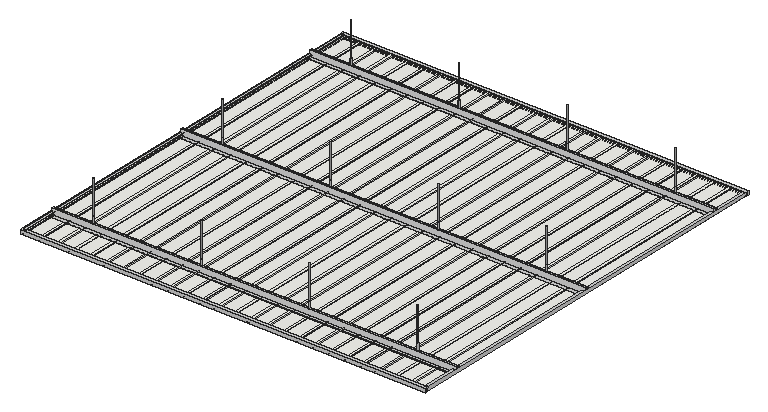
Revit family "FalsoTecho_THU_Lama-Treviso", category Generic Models, Revit 2016
Family settings
  Part Type = Normal
  Can host rebar = No
  Round Connector Dimension = Use Diameter
  OmniClass Number = 23.35.70.24.11.17.14.11
  OmniClass Title = Metal Linear Ceilings
  Work Plane-Based = Yes
  Always vertical = No
  Cut with Voids When Loaded = Yes
  Shared = No
  Room Calculation Point = No
Parameters (values of type "Acero_100x19mm")
  U20 [instance] = yes
  Tirantes_Separación real [instance] = (Rastrel_Longitud - (Tirante inicial_Distancia borde * 2)) / (Tirantes_Recuento - 1)  # 671.333 mm
  Tirantes_Recuento [instance] = (Rastrel_Longitud - (Tirante inicial_Distancia borde * 2)) / Tirantes_Separación aproximada + 2  # 4
  Tirantes_Separación aproximada [instance] = 1000 mm  # constant formula
  Tirante_Longitud [instance] = THU_Falso techo_Plenum altura  # 250 mm
  Tirante inicial_Distancia borde [instance] = if(Rastrel_Longitud < 1500 mm, 25 mm, 250 mm)  # 250 mm
  THU_Velo = 1 > 2  # no
  THU_Subestructura_Material = "Acero galvanizado"
  THU_Subestructura_Color = THU_Acero galvanizado
  THU_Reacción al fuego = "A2-s1, d0"
  THU_Rastrel [instance] = if(and(Lama_Anchura = 100 mm, Lamas a testa), Rastrel_Treviso_Paso 100, if(and(Lama_Anchura = 100 mm, Lamas con entrecalle), Rastrel_Treviso_Paso 110, if(and(Lama_Anchura = 150 mm, Lamas a testa), Rastrel_Treviso_Paso 150, if(and(Lama_Anchura = 150 mm, Lamas con entrecalle), Rastrel_Treviso_Paso 160, if(and(Lama_Anchura = 200 mm, Lamas a testa), Rastrel_Treviso_Paso 200, if(and(Lama_Anchura = 200 mm, Lamas con entrecalle), Rastrel_Treviso_Paso 105, if(and(Lama_Anchura = 300 mm, Lamas a testa), Rastrel_Treviso_Paso 150, if(and(Lama_Anchura = 300 mm, Lamas con entrecalle), Rastrel_Treviso_Paso 155, Rastrel_Treviso_Paso 100))))))))  # Rastrel_THU_Treviso : 3,00x0,41x0,29_Paso-100mm
  THU_Lama_Material = "Acero"
  THU_Lama_Color [instance] = THU_Blanco-RAL9010
  THU_Lama = Lama_THU_Treviso : Acero_100mm
  THU_Falso techo_Área [instance] = THU_Falso techo_Longitud * Falso techo_Anchura real  # 6.285 m²
  THU_Falso techo_Plenum altura [instance] = 250 mm
  THU_Falso techo_Longitud [instance] = 2500 mm
  THU_Falso techo_Anchura [instance] = 2500 mm
  THU_Falso techo_Altura libre [instance] = 2500 mm
  THU_Acabado = Acabado_THU_Lama-Treviso : Liso
  Solape vertical_Lama y rastrel = 0 mm  # constant formula
  Rastrel_Treviso_Paso 200 = Rastrel_THU_Treviso : 3,00x0,41x0,29_Paso-200mm
  Rastrel_Treviso_Paso 160 = Rastrel_THU_Treviso : 3,00x0,41x0,29_Paso-160mm
  Rastrel_Treviso_Paso 155 = Rastrel_THU_Treviso : 3,00x0,41x0,29_Paso-155mm
  Rastrel_Treviso_Paso 150 = Rastrel_THU_Treviso : 3,00x0,41x0,29_Paso-150mm
  Rastrel_Treviso_Paso 110 = Rastrel_THU_Treviso : 3,00x0,41x0,29_Paso-110mm
  Rastrel_Treviso_Paso 105 = Rastrel_THU_Treviso : 3,00x0,41x0,29_Paso-105mm
  Rastrel_Treviso_Paso 100 = Rastrel_THU_Treviso : 3,00x0,41x0,29_Paso-100mm
  Rastreles_Separación [instance] = if(Lama_Longitud < 1000 mm, Lama_Longitud - 44 mm, 1000 mm)  # 1000 mm
  Rastreles_Recuento (ml) [instance] = Rastrel_Longitud * Rastreles_Recuento  # 7542 mm
  Rastreles_Recuento [instance] = if((THU_Falso techo_Longitud / Rastreles_Separación) < 2, 2, THU_Falso techo_Longitud / Rastreles_Separación)  # 3
  Rastrel_Longitud [instance] = Falso techo_Anchura real  # 2514 mm
  Rastrel_Anchura = 75.3 mm  # constant formula
  Rastrel_Altura = 30 mm  # constant formula
  Rastrel Inicial/Distancia a borde [instance] = (THU_Falso techo_Longitud - (Rastreles_Separación * (Rastreles_Recuento - 1))) / 2  # 250 mm
  RC [instance] = not(U20)  # no
  Página web del producto = "http://thu.es/producto/lama-treviso/"
  Página web del fabricante = "http://thu.es/"
  Perfiles perimetrales_Distancia a bandeja [instance] = if(U20, 2 mm, 9 mm)  # 2 mm
  Perfiles perimetrales_Desfase altura = 1 mm  # constant formula
  Perfil perimetral_U20 [instance] = Perfiles perimetrales_THU : U20
  Perfil perimetral_RC [instance] = Perfiles perimetrales_THU : RC
  Perfil perimetral_Anchura [instance] = if(U20, 20 mm, 28 mm)  # 20 mm
  Perfil perimetral trans_Longitud [instance] = Rastrel_Longitud + (Perfiles perimetrales_Distancia a bandeja * 2)  # 2518 mm
  Perfil perimetral long_Longitud [instance] = Lama_Longitud - Perfil perimetral_Anchura - 15 mm  # 2465 mm
  Perfil perimetral 04 [instance] = yes
  Perfil perimetral 03 [instance] = yes
  Perfil perimetral 02 [instance] = yes
  Perfil perimetral 01 [instance] = yes
  Perfil perimetral [instance] = if(U20, Perfil perimetral_U20, Perfil perimetral_RC)  # Perfiles perimetrales_THU : U20
  País de fabricación = "España"
  País de diseño = "España"
  Omniclass = "23.35.70.24.11.17.14.11"
  Número de edición (versión) = 1
  Nombre del objeto = "Lama Treviso"
  NBS Reference Description = "Board suspended ceiling system"
  NBS Reference = "20-10-10/110"
  Marca = "THU"
  Manual de montaje = "http://thu.es/wp-content/uploads/manuals/MM-Techos-Lamas-Treviso.pdf"
  Lamas_Recuento (ml) [instance] = THU_Falso techo_Longitud * Lamas_Recuento  # 62500 mm
  Lamas_Recuento [instance] = THU_Falso techo_Anchura / (Lamas_Separación + Lama_Anchura)  # 25
  Lamas_Separación [instance] = if(Lamas a testa, 0 mm, if(Lamas con entrecalle, 10 mm, 0 mm))  # 0 mm
  Lamas con entrecalle [instance] = not(Lamas a testa)  # no
  Lamas a testa [instance] = yes
  Lama_Longitud [instance] = THU_Falso techo_Longitud  # 2500 mm
  Lama_Anchura = 100 mm
  Lama_Altura = 4 mm  # constant formula
  IFC Classification = "Ceiling"
  Grupo del producto = "Lamas"
  Ficha técnica = "http://thu.es/wp-content/uploads/datasheets/ft-lamas-treviso-thu.pdf"
  Ficha resumen = "http://thu.es/wp-content/uploads/datasheets/THU_Techos_metalicos_Lama_Treviso.pdf"
  Fecha de publicación del objeto BIM = ""
  Famila del producto = "Techos metálicos"
  Falso techo_Grosor = Lama_Altura + Rastrel_Altura  # 34 mm
  Falso techo_Anchura real [instance] = (Lamas_Recuento * Lama_Anchura) + (Lamas_Separación * (Lamas_Recuento - 1)) + 14 mm  # 2514 mm
  Manufacturer = "THU Perfil S.L."
  Default Elevation = 0 mm
  Description = "Falso techo metálico formado por lamas de aluminio prelacadas de ancho 100, 150, 200 y 300, insertadas en pestañas de rastreles metálicos y colgados del forjado superior mediante un sistema de varillas roscadas. Existen dos tipos de rastrel: los que dejan las lamas a testa (juntas) y los que dejan entrecalle."
  Declaración de prestaciones = "http://thu.es/wp-content/uploads/declarations/dp_lamas_treviso.pdf"
  Type Comments = "Lamas Treviso para techo suspendido, para ser montadas en interior de edificios con con rastreles Treviso."
  COBie Type Category = "L387 : Suspended ceilings"
Types (8, lengths in mm): name | Tirantes_Separación real | THU_Rastrel | THU_Lama_Material | THU_Lama | THU_Falso techo_Área | Rastreles_Recuento (ml) | Rastrel_Longitud | Perfil perimetral trans_Longitud | Lamas_Recuento (ml) | Lamas_Recuento | Lama_Anchura | Falso techo_Anchura real
  Acero_100x19mm | 671.333 | Rastrel_THU_Treviso : 3,00x0,41x0,29_Paso-100mm | "Acero" | Lama_THU_Treviso : Acero_100mm | 6.285 m² | 7542 | 2514 | 2518 | 62500 | 25 | 100 | 2514
  Acero_150x19mm | 688 | Rastrel_THU_Treviso : 3,00x0,41x0,29_Paso-150mm | "Acero" | Lama_THU_Treviso : Acero_150mm | 6.41 m² | 7692 | 2564 | 2568 | 42500 | 17 | 150 | 2564
  Acero_200x19mm | 704.667 | Rastrel_THU_Treviso : 3,00x0,41x0,29_Paso-200mm | "Acero" | Lama_THU_Treviso : Acero_200mm | 6.535 m² | 7842 | 2614 | 2618 | 32500 | 13 | 200 | 2614
  Acero_300x19mm | 638 | Rastrel_THU_Treviso : 3,00x0,41x0,29_Paso-150mm | "Acero" | Lama_THU_Treviso : Acero_300mm | 6.035 m² | 7242 | 2414 | 2418 | 20000 | 8 | 300 | 2414
  Aluminio_100x19mm | 671.333 | Rastrel_THU_Treviso : 3,00x0,41x0,29_Paso-100mm | "Aluminio" | Lama_THU_Treviso : Acero_100mm | 6.285 m² | 7542 | 2514 | 2518 | 62500 | 25 | 100 | 2514
  Aluminio_150x19mm | 688 | Rastrel_THU_Treviso : 3,00x0,41x0,29_Paso-150mm | "Aluminio" | Lama_THU_Treviso : Acero_150mm | 6.41 m² | 7692 | 2564 | 2568 | 42500 | 17 | 150 | 2564
  Aluminio_200x19mm | 704.667 | Rastrel_THU_Treviso : 3,00x0,41x0,29_Paso-200mm | "Aluminio" | Lama_THU_Treviso : Acero_200mm | 6.535 m² | 7842 | 2614 | 2618 | 32500 | 13 | 200 | 2614
  Aluminio_300x19mm | 638 | Rastrel_THU_Treviso : 3,00x0,41x0,29_Paso-150mm | "Aluminio" | Lama_THU_Treviso : Acero_300mm | 6.035 m² | 7242 | 2414 | 2418 | 20000 | 8 | 300 | 2414
Reference planes
  plane 1 "Centro (Frontal/Posterior)": y = 0
  plane 2: z = 0
  plane 3 "Centro (Izquierda/Derecha)": x = 0
  plane 4 "Lamas_Límite inferior": z = 2500
  plane 5 "Rastreles_Límite inferior": z = 2504
  plane 6 "Rastreles_Límite superior": z = 2534
  plane 7 "Lamas_Límite superior": z = 2504
  plane 8 "Falso techo_Límite derecho": x = 2500
  plane 9 "Falso techo_Límite superior": y = 2500
  plane 10 "Tirantes_Límite superior": z = 2784
  plane 11 "Perfiles perimetrales_Limite inferior": z = 2499
  plane 12: x = 2514
Dimensions and locks
  "Rastrel_Altura": plane 6 "Rastreles_Límite superior" to plane 5 "Rastreles_Límite inferior"
  "THU_Falso techo_Altura libre": level to plane 4 "Lamas_Límite inferior"
  "Lama_Altura": plane 7 "Lamas_Límite superior" to plane 4 "Lamas_Límite inferior"
  "Solape vertical_Lama y rastrel": plane 7 "Lamas_Límite superior" to plane 5 "Rastreles_Límite inferior"
  "THU_Falso techo_Longitud": plane 1 "Centro (Frontal/Posterior)" to plane 9 "Falso techo_Límite superior"
  "THU_Falso techo_Anchura": plane 3 "Centro (Izquierda/Derecha)" to plane 8 "Falso techo_Límite derecho"
  "THU_Falso techo_Plenum altura": plane 10 "Tirantes_Límite superior" to plane 6 "Rastreles_Límite superior"
  equal spacing: group 1, group 2, group 3, group 4, group 5, group 6, group 7, group 8, group 12, group 13, group 14, group 15, group 16, group 17, group 18, group 19, group 20, group 21, group 22, group 23, group 24, group 25, group 26, group 27, group 28  (x3)
  "Lamas_Separación": nested 2 to nested 1
  equal spacing: group 9, group 10, group 11  (x3)
  "Rastrel Inicial/Distancia a borde": plane 1 "Centro (Frontal/Posterior)" to nested 9
  "Rastreles_Separación": nested 9 to nested 10
  "Perfiles perimetrales_Distancia a bandeja": nested 21 to plane 3 "Centro (Izquierda/Derecha)"
  "Perfiles perimetrales_Distancia a bandeja": nested 21 to plane 1 "Centro (Frontal/Posterior)"
  "Perfiles perimetrales_Distancia a bandeja": nested 24 to plane 3 "Centro (Izquierda/Derecha)"
  "Perfiles perimetrales_Distancia a bandeja": plane 9 "Falso techo_Límite superior" to nested 24
  "Falso techo_Anchura real": plane 3 "Centro (Izquierda/Derecha)" to plane 12
  "Perfiles perimetrales_Distancia a bandeja": plane 12 to nested 22
  "Perfiles perimetrales_Distancia a bandeja": nested 23 to plane 3 "Centro (Izquierda/Derecha)"
  "Perfiles perimetrales_Desfase altura": plane 4 "Lamas_Límite inferior" to plane 11 "Perfiles perimetrales_Limite inferior"
  aligned and locked: level to plane 2
  aligned and locked: plane 7 "Lamas_Límite superior" to nested 1
  aligned and locked: nested 1 to plane 4 "Lamas_Límite inferior"
  aligned and locked: nested 2 to plane 4 "Lamas_Límite inferior"
  aligned and locked: plane 6 "Rastreles_Límite superior" to nested 9
  aligned and locked: plane 6 "Rastreles_Límite superior" to nested 10
  aligned and locked: nested 21 to nested 23
  aligned and locked: nested 22 to nested 21
Nested families
  nested 1: "Lama_THU_Treviso" at (13.995, 0, 2504), Lama_Anchura <- "Lama_Anchura", Lama_Altura <- "Lama_Altura", Lama_Longitud <- "Lama_Longitud", type <- "THU_Lama", THU_Color <- "THU_Lama_Color", type "Acero_100mm"
    with THU_Recuento (ml) 2500 mm, THU_Material "Acero", THU_Color THU_Blanco-RAL9010, Lama_Longitud 2500 mm, Lama_Anchura 100 mm, Lama_Altura 4 mm
  nested 2: "Lama_THU_Treviso" at (113.995, 0, 2504), Lama_Anchura <- "Lama_Anchura", Lama_Altura <- "Lama_Altura", Lama_Longitud <- "Lama_Longitud", type <- "THU_Lama", THU_Color <- "THU_Lama_Color", type "Acero_100mm"
    with THU_Recuento (ml) 2500 mm, THU_Material "Acero", THU_Color THU_Blanco-RAL9010, Lama_Longitud 2500 mm, Lama_Anchura 100 mm, Lama_Altura 4 mm
  nested 3: "Lama_THU_Treviso" at (213.995, 0, 2504), Lama_Anchura <- "Lama_Anchura", Lama_Altura <- "Lama_Altura", Lama_Longitud <- "Lama_Longitud", type <- "THU_Lama", THU_Color <- "THU_Lama_Color", type "Acero_100mm"
    with THU_Recuento (ml) 2500 mm, THU_Material "Acero", THU_Color THU_Blanco-RAL9010, Lama_Longitud 2500 mm, Lama_Anchura 100 mm, Lama_Altura 4 mm
  nested 4: "Lama_THU_Treviso" at (313.995, 0, 2504), Lama_Anchura <- "Lama_Anchura", Lama_Altura <- "Lama_Altura", Lama_Longitud <- "Lama_Longitud", type <- "THU_Lama", THU_Color <- "THU_Lama_Color", type "Acero_100mm"
    with THU_Recuento (ml) 2500 mm, THU_Material "Acero", THU_Color THU_Blanco-RAL9010, Lama_Longitud 2500 mm, Lama_Anchura 100 mm, Lama_Altura 4 mm
  nested 5: "Lama_THU_Treviso" at (413.995, 0, 2504), Lama_Anchura <- "Lama_Anchura", Lama_Altura <- "Lama_Altura", Lama_Longitud <- "Lama_Longitud", type <- "THU_Lama", THU_Color <- "THU_Lama_Color", type "Acero_100mm"
    with THU_Recuento (ml) 2500 mm, THU_Material "Acero", THU_Color THU_Blanco-RAL9010, Lama_Longitud 2500 mm, Lama_Anchura 100 mm, Lama_Altura 4 mm
  nested 6: "Lama_THU_Treviso" at (513.995, 0, 2504), Lama_Anchura <- "Lama_Anchura", Lama_Altura <- "Lama_Altura", Lama_Longitud <- "Lama_Longitud", type <- "THU_Lama", THU_Color <- "THU_Lama_Color", type "Acero_100mm"
    with THU_Recuento (ml) 2500 mm, THU_Material "Acero", THU_Color THU_Blanco-RAL9010, Lama_Longitud 2500 mm, Lama_Anchura 100 mm, Lama_Altura 4 mm
  nested 7: "Lama_THU_Treviso" at (613.995, 0, 2504), Lama_Anchura <- "Lama_Anchura", Lama_Altura <- "Lama_Altura", Lama_Longitud <- "Lama_Longitud", type <- "THU_Lama", THU_Color <- "THU_Lama_Color", type "Acero_100mm"
    with THU_Recuento (ml) 2500 mm, THU_Material "Acero", THU_Color THU_Blanco-RAL9010, Lama_Longitud 2500 mm, Lama_Anchura 100 mm, Lama_Altura 4 mm
  nested 8: "Lama_THU_Treviso" at (713.995, 0, 2504), Lama_Anchura <- "Lama_Anchura", Lama_Altura <- "Lama_Altura", Lama_Longitud <- "Lama_Longitud", type <- "THU_Lama", THU_Color <- "THU_Lama_Color", type "Acero_100mm"
    with THU_Recuento (ml) 2500 mm, THU_Material "Acero", THU_Color THU_Blanco-RAL9010, Lama_Longitud 2500 mm, Lama_Anchura 100 mm, Lama_Altura 4 mm
  nested 9: "Rastrel_THU_Treviso" at (0, 250, 2504) x (0, -1, 0) z (0, 0, 1), type <- "THU_Rastrel", Tirante inicial_Distancia a extremo <- "Tirante inicial_Distancia borde", Tirante_Longitud <- "Tirante_Longitud", Tirantes_Recuento <- "Tirantes_Recuento", Rastrel_Longitud <- "Rastrel_Longitud", THU_Color <- "THU_Subestructura_Color", type "3,00x0,41x0,29_Paso-100mm", detail levels medium+fine
    with Tirantes_Recuento 4, Tirante_Longitud 250 mm, Tirante inicial_Distancia a extremo 250 mm, THU_Recuento (ml) 2514 mm, THU_Material "Acero galvanizado", THU_Color THU_Acero galvanizado, Rastrel_Longitud 2514 mm, Rastrel_Anchura 75.3 mm, Rastrel_Altura 30 mm
  nested 10: "Rastrel_THU_Treviso" at (0, 1250, 2504) x (0, -1, 0) z (0, 0, 1), type <- "THU_Rastrel", Tirante inicial_Distancia a extremo <- "Tirante inicial_Distancia borde", Tirante_Longitud <- "Tirante_Longitud", Tirantes_Recuento <- "Tirantes_Recuento", Rastrel_Longitud <- "Rastrel_Longitud", THU_Color <- "THU_Subestructura_Color", type "3,00x0,41x0,29_Paso-100mm", detail levels medium+fine
    with Tirantes_Recuento 4, Tirante_Longitud 250 mm, Tirante inicial_Distancia a extremo 250 mm, THU_Recuento (ml) 2514 mm, THU_Material "Acero galvanizado", THU_Color THU_Acero galvanizado, Rastrel_Longitud 2514 mm, Rastrel_Anchura 75.3 mm, Rastrel_Altura 30 mm
  nested 11: "Rastrel_THU_Treviso" at (0, 2250, 2504) x (0, -1, 0) z (0, 0, 1), type <- "THU_Rastrel", Tirante inicial_Distancia a extremo <- "Tirante inicial_Distancia borde", Tirante_Longitud <- "Tirante_Longitud", Tirantes_Recuento <- "Tirantes_Recuento", Rastrel_Longitud <- "Rastrel_Longitud", THU_Color <- "THU_Subestructura_Color", type "3,00x0,41x0,29_Paso-100mm", detail levels medium+fine
    with Tirantes_Recuento 4, Tirante_Longitud 250 mm, Tirante inicial_Distancia a extremo 250 mm, THU_Recuento (ml) 2514 mm, THU_Material "Acero galvanizado", THU_Color THU_Acero galvanizado, Rastrel_Longitud 2514 mm, Rastrel_Anchura 75.3 mm, Rastrel_Altura 30 mm
  nested 12: "Lama_THU_Treviso" at (813.995, 0, 2504), Lama_Anchura <- "Lama_Anchura", Lama_Altura <- "Lama_Altura", Lama_Longitud <- "Lama_Longitud", type <- "THU_Lama", THU_Color <- "THU_Lama_Color", type "Acero_100mm"
    with THU_Recuento (ml) 2500 mm, THU_Material "Acero", THU_Color THU_Blanco-RAL9010, Lama_Longitud 2500 mm, Lama_Anchura 100 mm, Lama_Altura 4 mm
  nested 13: "Lama_THU_Treviso" at (913.995, 0, 2504), Lama_Anchura <- "Lama_Anchura", Lama_Altura <- "Lama_Altura", Lama_Longitud <- "Lama_Longitud", type <- "THU_Lama", THU_Color <- "THU_Lama_Color", type "Acero_100mm"
    with THU_Recuento (ml) 2500 mm, THU_Material "Acero", THU_Color THU_Blanco-RAL9010, Lama_Longitud 2500 mm, Lama_Anchura 100 mm, Lama_Altura 4 mm
  nested 14: "Lama_THU_Treviso" at (1013.995, 0, 2504), Lama_Anchura <- "Lama_Anchura", Lama_Altura <- "Lama_Altura", Lama_Longitud <- "Lama_Longitud", type <- "THU_Lama", THU_Color <- "THU_Lama_Color", type "Acero_100mm"
    with THU_Recuento (ml) 2500 mm, THU_Material "Acero", THU_Color THU_Blanco-RAL9010, Lama_Longitud 2500 mm, Lama_Anchura 100 mm, Lama_Altura 4 mm
  nested 15: "Lama_THU_Treviso" at (1113.995, 0, 2504), Lama_Anchura <- "Lama_Anchura", Lama_Altura <- "Lama_Altura", Lama_Longitud <- "Lama_Longitud", type <- "THU_Lama", THU_Color <- "THU_Lama_Color", type "Acero_100mm"
    with THU_Recuento (ml) 2500 mm, THU_Material "Acero", THU_Color THU_Blanco-RAL9010, Lama_Longitud 2500 mm, Lama_Anchura 100 mm, Lama_Altura 4 mm
  nested 16: "Lama_THU_Treviso" at (1213.995, 0, 2504), Lama_Anchura <- "Lama_Anchura", Lama_Altura <- "Lama_Altura", Lama_Longitud <- "Lama_Longitud", type <- "THU_Lama", THU_Color <- "THU_Lama_Color", type "Acero_100mm"
    with THU_Recuento (ml) 2500 mm, THU_Material "Acero", THU_Color THU_Blanco-RAL9010, Lama_Longitud 2500 mm, Lama_Anchura 100 mm, Lama_Altura 4 mm
  nested 17: "Lama_THU_Treviso" at (1313.995, 0, 2504), Lama_Anchura <- "Lama_Anchura", Lama_Altura <- "Lama_Altura", Lama_Longitud <- "Lama_Longitud", type <- "THU_Lama", THU_Color <- "THU_Lama_Color", type "Acero_100mm"
    with THU_Recuento (ml) 2500 mm, THU_Material "Acero", THU_Color THU_Blanco-RAL9010, Lama_Longitud 2500 mm, Lama_Anchura 100 mm, Lama_Altura 4 mm
  nested 18: "Lama_THU_Treviso" at (1413.995, 0, 2504), Lama_Anchura <- "Lama_Anchura", Lama_Altura <- "Lama_Altura", Lama_Longitud <- "Lama_Longitud", type <- "THU_Lama", THU_Color <- "THU_Lama_Color", type "Acero_100mm"
    with THU_Recuento (ml) 2500 mm, THU_Material "Acero", THU_Color THU_Blanco-RAL9010, Lama_Longitud 2500 mm, Lama_Anchura 100 mm, Lama_Altura 4 mm
  nested 19: "Lama_THU_Treviso" at (1513.995, 0, 2504), Lama_Anchura <- "Lama_Anchura", Lama_Altura <- "Lama_Altura", Lama_Longitud <- "Lama_Longitud", type <- "THU_Lama", THU_Color <- "THU_Lama_Color", type "Acero_100mm"
    with THU_Recuento (ml) 2500 mm, THU_Material "Acero", THU_Color THU_Blanco-RAL9010, Lama_Longitud 2500 mm, Lama_Anchura 100 mm, Lama_Altura 4 mm
  nested 20: "Lama_THU_Treviso" at (1613.995, 0, 2504), Lama_Anchura <- "Lama_Anchura", Lama_Altura <- "Lama_Altura", Lama_Longitud <- "Lama_Longitud", type <- "THU_Lama", THU_Color <- "THU_Lama_Color", type "Acero_100mm"
    with THU_Recuento (ml) 2500 mm, THU_Material "Acero", THU_Color THU_Blanco-RAL9010, Lama_Longitud 2500 mm, Lama_Anchura 100 mm, Lama_Altura 4 mm
  nested 21: "Perfiles perimetrales_THU" at (-2, -2, 2499) x (0, 1, 0) z (0, 0, 1), THU_Material <- "THU_Subestructura_Material", THU_Color <- "THU_Subestructura_Color", Perfil_Anchura <- "Perfil perimetral_Anchura", type <- "Perfil perimetral", Perfil_Longitud <- "Perfil perimetral trans_Longitud", visible <- "Perfil perimetral 01", type "U20"
    with THU_Recuento (ml) 2518 mm, THU_Material "Acero galvanizado", THU_Color THU_Acero galvanizado, Perfil_Longitud 2518 mm, Perfil_Anchura 20 mm
  nested 22: "Perfiles perimetrales_THU" at (2516, 18, 2499) x (-1, 0, 0) z (0, 0, 1), THU_Material <- "THU_Subestructura_Material", THU_Color <- "THU_Subestructura_Color", Perfil_Anchura <- "Perfil perimetral_Anchura", type <- "Perfil perimetral", Perfil_Longitud <- "Perfil perimetral long_Longitud", visible <- "Perfil perimetral 02", type "U20"
    with THU_Recuento (ml) 2465 mm, THU_Material "Acero galvanizado", THU_Color THU_Acero galvanizado, Perfil_Longitud 2465 mm, Perfil_Anchura 20 mm
  nested 23: "Perfiles perimetrales_THU" at (-2, 18, 2499), THU_Material <- "THU_Subestructura_Material", THU_Color <- "THU_Subestructura_Color", Perfil_Anchura <- "Perfil perimetral_Anchura", type <- "Perfil perimetral", Perfil_Longitud <- "Perfil perimetral long_Longitud", visible <- "Perfil perimetral 04", type "U20"
    with THU_Recuento (ml) 2465 mm, THU_Material "Acero galvanizado", THU_Color THU_Acero galvanizado, Perfil_Longitud 2465 mm, Perfil_Anchura 20 mm
  nested 24: "Perfiles perimetrales_THU" at (-2, 2503, 2499) x (0, -1, 0) z (0, 0, 1), THU_Material <- "THU_Subestructura_Material", THU_Color <- "THU_Subestructura_Color", Perfil_Anchura <- "Perfil perimetral_Anchura", type <- "Perfil perimetral", Perfil_Longitud <- "Perfil perimetral trans_Longitud", visible <- "Perfil perimetral 03", type "U20"
    with THU_Recuento (ml) 2518 mm, THU_Material "Acero galvanizado", THU_Color THU_Acero galvanizado, Perfil_Longitud 2518 mm, Perfil_Anchura 20 mm
  nested 25: "Lama_THU_Treviso" at (1713.995, 0, 2504), Lama_Anchura <- "Lama_Anchura", Lama_Altura <- "Lama_Altura", Lama_Longitud <- "Lama_Longitud", type <- "THU_Lama", THU_Color <- "THU_Lama_Color", type "Acero_100mm"
    with THU_Recuento (ml) 2500 mm, THU_Material "Acero", THU_Color THU_Blanco-RAL9010, Lama_Longitud 2500 mm, Lama_Anchura 100 mm, Lama_Altura 4 mm
  nested 26: "Lama_THU_Treviso" at (1813.995, 0, 2504), Lama_Anchura <- "Lama_Anchura", Lama_Altura <- "Lama_Altura", Lama_Longitud <- "Lama_Longitud", type <- "THU_Lama", THU_Color <- "THU_Lama_Color", type "Acero_100mm"
    with THU_Recuento (ml) 2500 mm, THU_Material "Acero", THU_Color THU_Blanco-RAL9010, Lama_Longitud 2500 mm, Lama_Anchura 100 mm, Lama_Altura 4 mm
  nested 27: "Lama_THU_Treviso" at (1913.995, 0, 2504), Lama_Anchura <- "Lama_Anchura", Lama_Altura <- "Lama_Altura", Lama_Longitud <- "Lama_Longitud", type <- "THU_Lama", THU_Color <- "THU_Lama_Color", type "Acero_100mm"
    with THU_Recuento (ml) 2500 mm, THU_Material "Acero", THU_Color THU_Blanco-RAL9010, Lama_Longitud 2500 mm, Lama_Anchura 100 mm, Lama_Altura 4 mm
  nested 28: "Lama_THU_Treviso" at (2013.995, 0, 2504), Lama_Anchura <- "Lama_Anchura", Lama_Altura <- "Lama_Altura", Lama_Longitud <- "Lama_Longitud", type <- "THU_Lama", THU_Color <- "THU_Lama_Color", type "Acero_100mm"
    with THU_Recuento (ml) 2500 mm, THU_Material "Acero", THU_Color THU_Blanco-RAL9010, Lama_Longitud 2500 mm, Lama_Anchura 100 mm, Lama_Altura 4 mm
  nested 29: "Lama_THU_Treviso" at (2113.995, 0, 2504), Lama_Anchura <- "Lama_Anchura", Lama_Altura <- "Lama_Altura", Lama_Longitud <- "Lama_Longitud", type <- "THU_Lama", THU_Color <- "THU_Lama_Color", type "Acero_100mm"
    with THU_Recuento (ml) 2500 mm, THU_Material "Acero", THU_Color THU_Blanco-RAL9010, Lama_Longitud 2500 mm, Lama_Anchura 100 mm, Lama_Altura 4 mm
  nested 30: "Lama_THU_Treviso" at (2213.995, 0, 2504), Lama_Anchura <- "Lama_Anchura", Lama_Altura <- "Lama_Altura", Lama_Longitud <- "Lama_Longitud", type <- "THU_Lama", THU_Color <- "THU_Lama_Color", type "Acero_100mm"
    with THU_Recuento (ml) 2500 mm, THU_Material "Acero", THU_Color THU_Blanco-RAL9010, Lama_Longitud 2500 mm, Lama_Anchura 100 mm, Lama_Altura 4 mm
  nested 31: "Lama_THU_Treviso" at (2313.995, 0, 2504), Lama_Anchura <- "Lama_Anchura", Lama_Altura <- "Lama_Altura", Lama_Longitud <- "Lama_Longitud", type <- "THU_Lama", THU_Color <- "THU_Lama_Color", type "Acero_100mm"
    with THU_Recuento (ml) 2500 mm, THU_Material "Acero", THU_Color THU_Blanco-RAL9010, Lama_Longitud 2500 mm, Lama_Anchura 100 mm, Lama_Altura 4 mm
  nested 32: "Lama_THU_Treviso" at (2413.995, 0, 2504), Lama_Anchura <- "Lama_Anchura", Lama_Altura <- "Lama_Altura", Lama_Longitud <- "Lama_Longitud", type <- "THU_Lama", THU_Color <- "THU_Lama_Color", type "Acero_100mm"
    with THU_Recuento (ml) 2500 mm, THU_Material "Acero", THU_Color THU_Blanco-RAL9010, Lama_Longitud 2500 mm, Lama_Anchura 100 mm, Lama_Altura 4 mm
Definition of nested family "Lama_THU_Treviso"
  Parameters (values of type "Acero_100mm")
    THU_Recuento (ml) [instance] = Lama_Longitud  # 1000 mm
    THU_Mediciones = 1 < 2  # yes
    THU_Material [instance] = "Acero"
    THU_Color [instance] = none
    Nombre del objeto = "Lama Treviso 100"
    Lama_Longitud [instance] = 1000 mm
    Lama_Anchura [instance] = 100 mm
    Lama_Altura [instance] = 19 mm
    Default Elevation = 0 mm
  Types (4, lengths in mm): name | Nombre del objeto | Lama_Anchura
    Acero_150mm | "Lama Treviso 150" | 150
    Acero_200mm | "Lama Treviso 200" | 200
    Acero_300mm | "Lama Treviso 300" | 300
    Acero_100mm | "Lama Treviso 100" | 100
  Reference planes
    plane 1 "Centro (Frontal/Posterior)": y = 0
    plane 2: z = 0
    plane 3 "Centro (Izquierda/Derecha)": x = 0
    plane 4 "Lama_Borde izquierdo": x = 0
    plane 5 "Lama_Borde derecho": x = 100
    plane 6: y = 1000
  Forms (mm)
    Extrusion 1, solid, material <- "THU_Color"
      sketch origin (180.419, 0, -13.159) x (-1, 0, 0) y (0, 0, -1)
        loop
          line (180.419, 5.841) -> (80.419, 5.841) -> (80.419, -12.159) -> (89.419, -12.159) -> (89.419, -11.159) -> (81.419, -11.159) -> (81.419, 4.841) -> (179.414, 4.841) -> (179.414, -13.159) -> (194.414, -13.159) -> (194.414, -12.159) -> (180.419, -12.159) -> (180.419, 5.841)
      from 0 to -1000
  Dimensions and locks
    "Lama_Anchura": plane 5 "Lama_Borde derecho" to plane 4 "Lama_Borde izquierdo"
    "Lama_Longitud": plane 1 "Centro (Frontal/Posterior)" to plane 6
    locked: Extrusion 1 sketch curve to Extrusion 1 sketch curve at 1  (x4)
    locked: Extrusion 1 sketch curve to Extrusion 1 sketch curve at 1.005
    "Lama_Anchura": Extrusion 1 sketch curve to Extrusion 1 sketch curve
    locked: Extrusion 1 sketch curve to Extrusion 1 sketch curve at 9
    locked: Extrusion 1 sketch curve to Extrusion 1 sketch curve at 15
    "Lama_Altura": Extrusion 1 sketch curve to Extrusion 1 sketch curve
    aligned and locked: level to plane 2
    aligned and locked: plane 6 to Extrusion 1
    aligned and locked: plane 1 "Centro (Frontal/Posterior)" to Extrusion 1
  Automatic sketch dimensions
    Extrusion 1 sketch curve to plane 5 "Lama_Borde derecho" = 0 mm
    Extrusion 1 sketch curve to level = 0 mm
    Extrusion 1 sketch curve to level = 1 mm
Definition of nested family "Rastrel_THU_Treviso"
  Parameters (values of type "3,00x0,41x0,29_Paso-200mm")
    Tirantes_Recuento [instance] = 2
    Tirante_Longitud [instance] = 250 mm
    Tirante inicial_Distancia a extremo [instance] = 250 mm
    THU_Recuento (ml) [instance] = Rastrel_Longitud  # 1000 mm
    THU_Mediciones = 1 < 2  # yes
    THU_Material [instance] = "Acero galvanizado"
    THU_Color [instance] = none
    Rastrel_Longitud [instance] = 1000 mm
    Rastrel_Anchura [instance] = 75.3 mm  # constant formula
    Rastrel_Altura [instance] = 30 mm  # constant formula
    Nombre del objeto = "Rastrel Treviso 200"
    Default Elevation = 0 mm
  Types (7, lengths in mm): name | THU_Material | Nombre del objeto
    3,00x0,41x0,29_Paso-105mm | "" | "Rastrel Treviso 105"
    3,00x0,41x0,29_Paso-110mm | "" | "Rastrel Treviso 110"
    3,00x0,41x0,29_Paso-150mm | "" | "Rastrel Treviso 150"
    3,00x0,41x0,29_Paso-155mm | "" | "Rastrel Treviso 155"
    3,00x0,41x0,29_Paso-160mm | "" | "Rastrel Treviso 160"
    3,00x0,41x0,29_Paso-200mm | "Acero galvanizado" | "Rastrel Treviso 200"
    3,00x0,41x0,29_Paso-100mm | "" | "Rastrel Treviso 100"
  Reference planes
    plane 1 "Centro (Frontal/Posterior)": y = 0
    plane 2: z = 0
    plane 3 "Centro (Izquierda/Derecha)": x = 0
    plane 4 "Rastrel_Cara superior": z = 30
    plane 5: x = -37.65
    plane 6: x = 37.65
    plane 7 "Rastreles_Límite inferior": z = 0
    plane 8: z = 280
  Forms (mm)
    Extrusion 1, solid, material <- "THU_Color"
      sketch origin (0, 0, 0) x (1, 0, 0) y (0, 0, 1)
        loop
          line (9, 30) -> (-9, 30) -> (-14.807, 1) -> (-37.5, 1) -> (-37.5, 0) -> (-13.987, 0) -> (-8.18, 29) -> (8.18, 29) -> (13.987, 0) -> (37.5, 0) -> (37.5, 1) -> (14.807, 1) -> (9, 30)
      from 0 to -1000
  Dimensions and locks
    "Rastrel_Anchura": plane 5 to plane 6
    equal spacing: plane 5, plane 3 "Centro (Izquierda/Derecha)", plane 6
    "Rastrel_Longitud": Extrusion 1 to Extrusion 1
    locked: Extrusion 1 sketch curve to Extrusion 1 sketch curve at 1  (x5)
    "Rastrel_Altura": plane 4 "Rastrel_Cara superior" to plane 7 "Rastreles_Límite inferior"
    "Tirante inicial_Distancia a extremo": plane 1 "Centro (Frontal/Posterior)" to nested 1
    group 1 to group 2 = 0 mm  (x2)
    group 1 to group 2 = 500 mm
    "Tirante inicial_Distancia a extremo": Extrusion 1 to nested 2
    aligned and locked: level to plane 2
    aligned and locked: Extrusion 1 sketch curve to plane 7 "Rastreles_Límite inferior"  (x2)
    aligned and locked: plane 3 "Centro (Izquierda/Derecha)" to nested 1
    aligned and locked: nested 1 to plane 4 "Rastrel_Cara superior"
    aligned and locked: plane 3 "Centro (Izquierda/Derecha)" to nested 2
  Automatic sketch dimensions
    Extrusion 1 sketch curve to plane 4 "Rastrel_Cara superior" = 0 mm
    Extrusion 1 sketch curve to plane 5 = 0.15 mm
    Extrusion 1 sketch curve to Extrusion 1 sketch curve = 0.82 mm  (x2)
    Extrusion 1 sketch curve to plane 3 "Centro (Izquierda/Derecha)" = 9 mm
    plane 3 "Centro (Izquierda/Derecha)" to Extrusion 1 sketch curve = 8.18 mm
    plane 6 to Extrusion 1 sketch curve = 0.15 mm
  Nested families
    nested 1: "Tirantes_THU" at (0, 250, 30), Tirante_Material <- "THU_Color", Tirante_Longitud <- "Tirante_Longitud", type "Tirante - Rastreles", detail levels fine
      with Tirante_Material none, Tirante_Longitud 250 mm
    nested 2: "Tirantes_THU" at (0, 750, 30), Tirante_Material <- "THU_Color", Tirante_Longitud <- "Tirante_Longitud", type "Tirante - Rastreles", detail levels fine
      with Tirante_Material none, Tirante_Longitud 250 mm
  Definition of nested family "Tirantes_THU"
    Parameters (values of type "Tirante - Perfil triangular")
      Tirante_Material [instance] = none
      Tirante_Longitud [instance] = 250 mm
      Pieza de cuelgue_Altura = 20 mm
      Pieza de cualgue_Anchura = 26 mm
      Perfiles = no
      Perfil triangular = yes
      Rastreles = no
      Default Elevation = 0 mm
    Types (3, lengths in mm): name | Pieza de cuelgue_Altura | Pieza de cualgue_Anchura | Perfiles | Perfil triangular | Rastreles
      Tirante - Rastreles | 40 | 10 | no | no | yes
      Tirante - Perfil triangular | 20 | 26 | no | yes | no
      Tirante - Perfiles | 20 | 10.5 | yes | no | no
    Reference planes
      plane 1 "Centro (Frontal/Posterior)": y = 0
      plane 2: z = 0
      plane 3 "Centro (Izquierda/Derecha)": x = 0
      plane 4 "Perfil_Cara superior": z = 20
      plane 5 "Tirantes_Límite superior": z = 250
      plane 6 "Pieza de cuelgue_Lateral izquierdo": x = -13
      plane 7 "Pieza de cuelgue_Lateral derecho": x = 13
    Forms (mm)
      Extrusion 1, solid, material <- "Tirante_Material"
        sketch origin (0, 0, 0) x (1, 0, 0) y (0, 1, 0)
          loop
            circle (0, 0) r 1.5
        from 20 to 250
      Extrusion 2, solid, material <- "Tirante_Material", visible <- "Perfiles"
        sketch origin (0, 0, 0) x (1, 0, 0) y (0, 0, 1)
          loop
            line (-13, 20) -> (-13, 0) -> (-8.759, 0) -> (-8.759, 2) -> (-10.518, 2) -> (-10.518, 11) -> (10.518, 11) -> (10.518, 2) -> (8.759, 2) -> (8.759, 0) -> (13, 0) -> (13, 20) -> (-13, 20)
        from -1 to 1
      Extrusion 3, solid, material <- "Tirante_Material", visible <- "Perfil triangular"
        sketch origin (0, 0, 0) x (1, 0, 0) y (0, 0, 1)
          loop
            line (0, 20) -> (-13, 20) -> (-13, 18) -> (-1, 18) -> (-1, 2.022) -> (-13, 2.022) -> (-13, 0) -> (0, 0) -> (13, 0) -> (13, 2.022) -> (1, 2.022) -> (1, 18) -> (13, 18) -> (13, 20) -> (0, 20)
        from -7.5 to 7.5
      Extrusion 4, solid, material <- "Tirante_Material", visible <- "Rastreles"
        sketch origin (0, 0, 0) x (1, 0, 0) y (0, 0, 1)
          loop
            line (-13, 0) -> (13, 0) -> (13, 20) -> (-13, 20) -> (-13, 0)
        from -1 to 1
    Dimensions and locks
      equal spacing: Extrusion 2, plane 1 "Centro (Frontal/Posterior)", Extrusion 2
      "Tirante_Longitud": plane 5 "Tirantes_Límite superior" to level
      "Pieza de cuelgue_Altura": plane 4 "Perfil_Cara superior" to level
      "Pieza de cualgue_Anchura": plane 7 "Pieza de cuelgue_Lateral derecho" to plane 6 "Pieza de cuelgue_Lateral izquierdo"
      equal spacing: plane 7 "Pieza de cuelgue_Lateral derecho", plane 3 "Centro (Izquierda/Derecha)", plane 6 "Pieza de cuelgue_Lateral izquierdo"
      locked: Extrusion 2 sketch curve to Extrusion 2 sketch curve at 2.482  (x2)
      locked: Extrusion 2 sketch curve to Extrusion 2 sketch curve at 9
      locked: Extrusion 2 sketch curve to Extrusion 2 sketch curve at 4.241  (x2)
      locked: Extrusion 3 sketch curve to Extrusion 3 sketch curve at 2  (x2)
      locked: Extrusion 3 sketch curve to Extrusion 3 sketch curve at 2.022
      aligned and locked: level to plane 2
      aligned and locked: plane 5 "Tirantes_Límite superior" to Extrusion 1
      aligned and locked: Extrusion 1 to plane 4 "Perfil_Cara superior"
      aligned and locked: Extrusion 1 to Extrusion 2
      aligned and locked: Extrusion 2 to level
      aligned and locked: Extrusion 3 sketch curve to Extrusion 3 sketch curve  (x4)
      aligned and locked: plane 4 "Perfil_Cara superior" to Extrusion 4 sketch curve
      aligned and locked: plane 7 "Pieza de cuelgue_Lateral derecho" to Extrusion 4 sketch curve
      aligned and locked: Extrusion 4 sketch curve to plane 6 "Pieza de cuelgue_Lateral izquierdo"
      aligned and locked: plane 6 "Pieza de cuelgue_Lateral izquierdo" to Extrusion 2 sketch curve
      aligned and locked: Extrusion 3 sketch curve to plane 7 "Pieza de cuelgue_Lateral derecho"
      aligned and locked: Extrusion 3 sketch curve to plane 6 "Pieza de cuelgue_Lateral izquierdo"
      aligned and locked: Extrusion 2 sketch curve to Extrusion 2 sketch curve
    Automatic sketch dimensions
      plane 1 "Centro (Frontal/Posterior)" to Extrusion 1 sketch curve = 0 mm
      Extrusion 1 sketch curve to plane 3 "Centro (Izquierda/Derecha)" = 0 mm
      Extrusion 2 sketch curve to level = 0 mm  (x2)
      Extrusion 2 sketch curve to plane 4 "Perfil_Cara superior" = 0 mm
      level to Extrusion 2 sketch curve = 2 mm
      Extrusion 3 sketch curve to plane 4 "Perfil_Cara superior" = 0 mm
      Extrusion 3 sketch curve to level = 0 mm
      Extrusion 3 sketch curve to plane 3 "Centro (Izquierda/Derecha)" = 0 mm  (x2)
      plane 3 "Centro (Izquierda/Derecha)" to Extrusion 3 sketch curve = 1 mm
      Extrusion 2 sketch curve to plane 7 "Pieza de cuelgue_Lateral derecho" = 0 mm
      Extrusion 4 sketch curve to level = 0 mm
      radius of Extrusion 1 sketch curve = 1.5 mm
Definition of nested family "Perfiles perimetrales_THU"
  Parameters (values of type "U20")
    U = yes
    THU_Recuento (ml) [instance] = Perfil_Longitud  # 1000 mm
    THU_Mediciones = 1 < 2  # yes
    THU_Material [instance] = "Acero galvanizado"
    THU_Color [instance] = none
    RC = no
    Perfil_Longitud [instance] = 1000 mm
    Perfil_Grosor = 1 mm
    Perfil_Anchura [instance] = 15 mm
    Perfil_Altura = 20 mm
    Nombre del objeto = "Perfil U20"
    (A)_(F) = no
    Default Elevation = 0 mm
    (D)_Perfil cornisa = no
  Types (7, lengths in mm): name | U | THU_Material | RC | Perfil_Anchura | Perfil_Altura | Nombre del objeto | (A)_(F) | (D)_Perfil cornisa
    (A)_L24x24 | no | "Acero galvanizado" | no | 24 | 24 | "(A)_L24x24" | yes | no
    (D)_Perfil cornisa | no | "Acero galvanizado" | no | 18 | 37 | "(D)_Perfil cornisa" | no | yes
    (F)_Angular PVC | no | "PVC" | no | 28 | 22 | "(F)_Angular PVC" | yes | no
    (A)_L15x33 | no | "Acero galvanizado" | no | 15 | 33 | "(A)_L24x24" | yes | no
    U40 | yes | "Acero galvanizado" | no | 15 | 42 | "Perfil U40" | no | no
    RC | no | "Acero galvanizado" | yes | 28 | 20 | "Perfil RC" | no | no
    U20 | yes | "Acero galvanizado" | no | 15 | 20 | "Perfil U20" | no | no
  Reference planes
    plane 1 "Centro (Frontal/Posterior)": y = 0
    plane 2: z = 0
    plane 3 "Centro (Izquierda/Derecha)": x = 0
    plane 4 "Perfil_Cara superior": z = 20
    plane 5: x = 15
    plane 6: y = -1000
  Forms (mm)
    Extrusion 1, solid, material <- "THU_Color", visible <- "(A)_(F)", detail levels medium+fine
      sketch origin (0, 0, 0) x (1, 0, 0) y (0, 0, 1)
        loop
          line (0, 20) -> (0, 0) -> (15, 0) -> (15, 1) -> (1, 1) -> (1, 20) -> (0, 20)
      from 0 to 1000
    Extrusion 2, solid, material <- "THU_Color", visible <- "(D)_Perfil cornisa", detail levels medium+fine
      sketch origin (0, 0, 0) x (1, 0, 0) y (0, 0, 1)
        loop
          line (1, 20) -> (0, 20) -> (0, 1) -> (-13, 1) -> (-13, 22) -> (-14, 22) -> (-14, 0) -> (15, 0) -> (15, 1) -> (1, 1) -> (1, 20)
      from 0 to 1000
    Extrusion 3, solid, material <- "THU_Color", visible <- "U", detail levels medium+fine
      sketch origin (0, 0, 0) x (1, 0, 0) y (0, 0, 1)
        loop
          line (0, 0) -> (15, 0) -> (15, 1) -> (1, 1) -> (1, 19) -> (15, 19) -> (15, 20) -> (0, 20) -> (0, 0)
      from 0 to 1000
    Extrusion 4, solid, material <- "THU_Color", visible <- "RC"
      sketch origin (0, 0, 0) x (1, 0, 0) y (0, 0, 1)
        loop
          line (15, 0) -> (15, 1) -> (1.398, 1) -> (1.398, 1.948) -> (7.436, 4.764)
          arc (7.436, 4.764) -> (8.592, 7.941) -> (5.415, 9.097) r 2.391
          line (5.415, 9.097) -> (1, 7.038) -> (1, 19) -> (6.5, 19) -> (6.5, 17.2) -> (7.5, 17.2) -> (7.5, 20) -> (0, 20) -> (0, 5.469) -> (5.838, 8.191)
          arc (5.838, 8.191) -> (7.686, 7.518) -> (7.013, 5.67) r 1.391
          line (7.013, 5.67) -> (0, 2.4) -> (0, 0) -> (15, 0)
      from 0 to 1000
  Dimensions and locks
    "Perfil_Altura": plane 4 "Perfil_Cara superior" to level
    "Perfil_Anchura": plane 5 to plane 3 "Centro (Izquierda/Derecha)"
    locked: Extrusion 2 sketch curve to Extrusion 2 sketch curve at 1  (x3)
    locked: Extrusion 2 sketch curve to Extrusion 1 at 13
    locked: Extrusion 2 sketch curve to level at 22
    "Perfil_Longitud": plane 6 to plane 1 "Centro (Frontal/Posterior)"
    locked: Extrusion 3 sketch curve to Extrusion 3 sketch curve at 1  (x3)
    locked: Extrusion 4 sketch curve to Extrusion 4 sketch curve at 1  (x6)
    locked: Extrusion 4 sketch curve to Extrusion 4 sketch curve at 1.398
    aligned and locked: level to plane 2
    aligned and locked: plane 5 to Extrusion 1 sketch curve
    aligned and locked: Extrusion 1 sketch curve to plane 4 "Perfil_Cara superior"
    aligned and locked: plane 4 "Perfil_Cara superior" to Extrusion 2 sketch curve
    aligned and locked: plane 5 to Extrusion 2 sketch curve
    aligned and locked: plane 3 "Centro (Izquierda/Derecha)" to Extrusion 2 sketch curve
    aligned and locked: Extrusion 1 sketch curve to plane 3 "Centro (Izquierda/Derecha)"
    aligned and locked: plane 6 to Extrusion 2
    aligned and locked: plane 6 to Extrusion 1
    aligned and locked: Extrusion 3 sketch curve to plane 5
    aligned and locked: plane 5 to Extrusion 3 sketch curve
    aligned and locked: Extrusion 3 sketch curve to plane 4 "Perfil_Cara superior"
    aligned and locked: Extrusion 3 sketch curve to plane 2
    aligned and locked: plane 3 "Centro (Izquierda/Derecha)" to Extrusion 3 sketch curve
    aligned and locked: Extrusion 3 to plane 1 "Centro (Frontal/Posterior)"
    aligned and locked: Extrusion 3 to plane 6
    aligned and locked: Extrusion 4 sketch curve to plane 4 "Perfil_Cara superior"
    aligned and locked: plane 3 "Centro (Izquierda/Derecha)" to Extrusion 4 sketch curve  (x2)
    aligned and locked: level to Extrusion 4 sketch curve
    aligned and locked: plane 5 to Extrusion 4 sketch curve
    aligned and locked: Extrusion 4 to plane 6
  Automatic sketch dimensions
    Extrusion 1 sketch curve to level = 0 mm
    plane 3 "Centro (Izquierda/Derecha)" to Extrusion 1 sketch curve = 1 mm
    level to Extrusion 1 sketch curve = 1 mm
    Extrusion 2 sketch curve to level = 0 mm
    Extrusion 2 sketch curve to Extrusion 2 sketch curve = 0 mm
    Extrusion 4 sketch curve to Extrusion 4 sketch curve = 0 mm
    Extrusion 4 sketch curve to Extrusion 4 sketch curve = 4.415 mm
    Extrusion 4 sketch curve to Extrusion 4 sketch curve = 0.423 mm  (x2)
    Extrusion 4 sketch curve to Extrusion 4 sketch curve = 0.588 mm  (x2)
    Extrusion 4 sketch curve to Extrusion 4 sketch curve = 5.5 mm
    Extrusion 4 sketch curve to Extrusion 4 sketch curve = 0.948 mm
    Extrusion 4 sketch curve to Extrusion 4 sketch curve = 0.452 mm
    Extrusion 4 sketch curve to Extrusion 4 sketch curve = 3.069 mm
    Extrusion 4 sketch curve to Extrusion 4 sketch curve = 1.26 mm
    Extrusion 4 sketch curve to Extrusion 4 sketch curve = 1.8 mm
